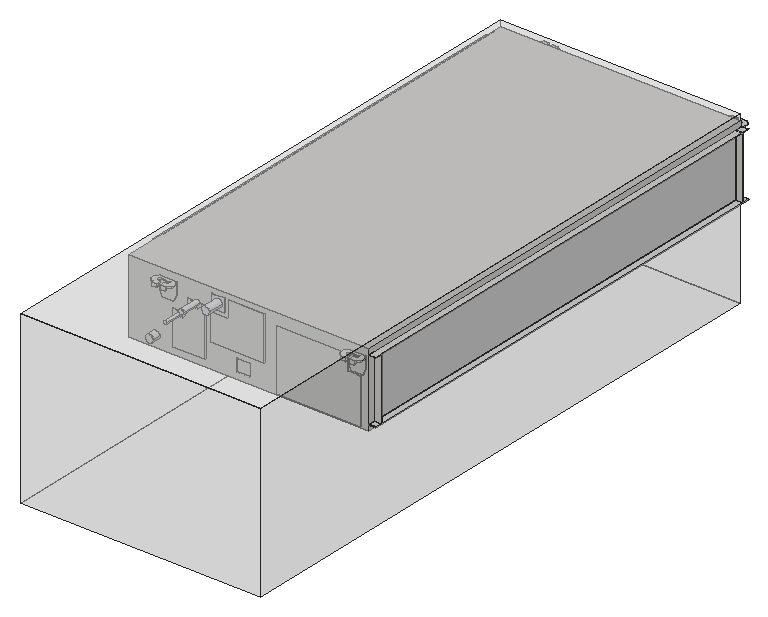
Revit family "outputfile", category 機械設備, Revit 2024
Family settings
  丸型コネクタ寸法 = 半径を使用
  パーツ タイプ = 標準
  OmniClass 番号 = 23.75.10.24.21.27.27
  OmniClass タイトル = Split System Air Conditioning Units
  作業面ベース = いいえ
  常に垂直 = はい
  ロード時にボイドで切り取り = いいえ
  注釈の向きを維持 = いいえ
  共有 = いいえ
  部屋計算ポイント = はい
Parameters (values of type "FXSQ140PAVE")
  Description = ""
  製造元 = "Daikin"
  書き出し IFC クラス(タイプ) = "IfcUnitaryEquipmentType"
  定義済み IFC タイプ(タイプ) = "AIRCONDITIONINGUNIT"
  Cost = 0
  モデル = "FXSQ140PAVE"
  Type Comments = ""
  Keynote = ""
  Type Image = (empty or 0)
  Assembly Code = ""
  r_Liquid Pipe Size = Liquid Pipe Size / 2  # 4.75 mm
  r_Gas Pipe Size = Gas Pipe Size / 2  # 7.95 mm
  r_Drain Pipe Size = Drain Pipe Size / 2  # 12.5 mm
  lw_power = 770.0 mm  # constant formula
  lh_SA = 138.0 mm  # constant formula
  lw_SA = if(Depth = 550.0 mm, 225.0 mm, if(Depth = 700.0 mm, 300.0 mm, if(Depth = 1000.0 mm, 450.0 mm, if(Depth = 1400.0 mm, 650.0 mm, 725.0 mm))))  # 725.0 mm
  lw_RA = if(Depth = 550.0 mm, 275.0 mm, if(Depth = 700.0 mm, 349.0 mm, if(Depth = 1000.0 mm, 499.0 mm, if(Depth = 1400.0 mm, 699.0 mm, 775.0 mm))))  # 775.0 mm
  lh_power = 60.0 mm + [h***]  # 60.0 mm
  lh_mountinghole1 = lh_mountinghole + [h***]  # 222.0 mm
  lh_RA = 123.0 mm  # constant formula
  ld_power = Depth / 2  # 775.0 mm
  Voltage_comment_60Hz = "220"
  Voltage_comment_50Hz = "220-240"
  Voltage_60Hz = 220 V
  Voltage_50Hz = 220 V
  URL = ""
  Supply Air Direction [instance] = yes
  Sound Power Level_H speed (dB) = 71
  Phase_60Hz = 1
  Phase_50Hz = 1
  Minimum External Static Pressure = 50.00 Pa
  Minimum Circuit Amps_60Hz = 3.1 A
  Minimum Circuit Amps_50Hz = 3.1 A
  Maximum Fuse Amps_60Hz = 16.0 A
  Maximum Fuse Amps_50Hz = 16.0 A
  Maximum External Static Pressure = 140.00 Pa
  Material_Casing = DAIKIN_GalvanizedSteel_Casing_indoorunit
  lw_mountinghole = 630.0 mm  # constant formula
  lh_gaspipe = 183.0 mm + [h***]  # 183.0 mm
  lh_mountinghole = 222.0 mm  # constant formula
  lh_liquidpipe = 136.0 mm + [h***]  # 136.0 mm
  lh_drainpipe = 207.0 mm + [h***]  # 207.0 mm
  lh_antena = Height - lh_mountinghole + 1.0 mm  # 24.0 mm
  ld_drainpipe = Depth / 2 + 53.0 mm  # 828.0 mm
  ld_liquidpipe = Depth / 2 + 69.0 mm  # 844.0 mm
  ld_gaspipe = Depth / 2 + 65.0 mm  # 840.0 mm
  ld_mountinghole = Depth + 38.0 mm  # 1588.0 mm
  h*** = 0.0 mm  # constant formula
  lw_liquidpipe = 179.0 mm  # constant formula
  lw_gaspipe = 229.0 mm  # constant formula
  lw_drainpipe = 300.0 mm  # constant formula
  Width = 800.0 mm
  Version = "ver.1.0"
  Unit Type = "Middle Static Pressure Duct Type"
  Unit Mass Weight = 52.00 kg
  Unit Designation [instance] = ""
  Uniclass2015Version = "Products v1.30"
  Uniclass2015Title = "Variable refrigerant flow units"
  Uniclass2015Code = "Pr_70_65_03_94"
  Total Heating Capacity [instance] = 0.000 kW
  Total Cooling Capacity [instance] = 0.000 kW
  Sound Pressure Level_M speed (dBA) = 0
  Sound Pressure Level_L speed (dBA) = 36
  Sound Pressure Level_H speed (dBA) = 43
  Series = "VRV Fan Coil Unit"
  Sensible Cooling Capacity [instance] = 0.000 kW
  SA Duct Size Width = if(Depth = 550.0 mm, 337.0 mm, if(Depth = 700.0 mm, 492.0 mm, if(Depth = 1000.0 mm, 792.0 mm, if(Depth = 1400.0 mm, 1192.0 mm, 1337.0 mm))))  # 1337.0 mm
  SA Duct Size Height = 176.0 mm
  Refrigerant Type = "R410A"
  RA Duct Size Width = if(Depth = 550.0 mm, 502.0 mm, if(Depth = 700.0 mm, 654.0 mm, if(Depth = 1000.0 mm, 952.0 mm, if(Depth = 1400.0 mm, 1352.0 mm, 1502.0 mm))))  # 1502.0 mm
  RA Duct Size Height = 208.0 mm
  Power Input (Heating) = 0.406 kW
  Power Input (Cooling) = 0.411 kW
  Option Accessory 3 [instance] = ""
  Option Accessory 2 [instance] = ""
  Option Accessory 1 [instance] = ""
  Nominal Heating Capacity = 18.000 kW
  Nominal Cooling Capacity = 16.000 kW
  Minimum Airflow = 1680.00 m³/h
  Median Airflow = 2010.00 m³/h
  Maximum Airflow = 2340.00 m³/h
  Load Classification = HVAC
  Liquid Pipe Size = 9.5 mm
  Link_Nested Family [instance] = ""
  IfcVersion = "0"
  IfcExportType = "AIRCONDITIONINGUNIT"
  IfcExportAs = "IfcUnitaryEquipmentType"
  Height = 245.0 mm
  Heating Entering Wet Bulb Temperature [instance] = 0.00 °C
  Heating Entering Dry Bulb Temperature [instance] = 0.00 °C
  Heating Ambient Wet Bulb Temperature [instance] = 0.00 °C
  Heating Ambient Dry Bulb Temperature [instance] = 0.00 °C
  Heat Exchanger Type = "Cross Fin Coil"
  Gas Pipe Size = 15.9 mm
  Frequency_60Hz = 60 Hz
  Frequency_50Hz = 50 Hz
  Fan Type = "Sirocco Fan"
  Fan Drive = "Direct Drive"
  FCU Tag No. [instance] = ""
  Drain Pipe Size = 25.0 mm
  Design Supply Airflow [instance] = 0.00 m³/h
  Design Return Airflow [instance] = 0.00 m³/h
  Design External Static Pressure [instance] = 0.00 Pa
  Depth = 1550.0 mm
  既定の高さ = 0.0 mm
  Cooling Entering Wet Bulb Temperature [instance] = 0.00 °C
  Cooling Entering Dry Bulb Temperature [instance] = 0.00 °C
  Cooling Ambient Wet Bulb Temperature [instance] = 0.00 °C
  Cooling Ambient Dry Bulb Temperature [instance] = 0.00 °C
  Clearance visibility [instance] = yes
  Clearance Top = 20.0 mm
  Clearance Right = 0.0 mm
  Clearance Rear = 0.0 mm
  Clearance Left = 0.0 mm
  Clearance Front = 450.0 mm
  Clearance Bottom = 300.0 mm
Reference planes
  plane 1 "Center (Front/Back)": y = 0
  plane 2 "h": z = 0
  plane 3 "Center (Left/Right)": x = 0
  plane 4 "Back": y = 775
  plane 5 "Front": y = -775
  plane 6 "Left": x = -400
  plane 7 "Reight": x = 400
  plane 8 "Top": z = 0
  plane 9 "Bottom": z = -245
  plane 10: y = -215
  plane 11: y = 775
  plane 12: y = -1225
  plane 13: x = -400
  plane 14: x = 400
  plane 15: z = 20
  plane 16: z = -545
  plane 17: x = -400
  plane 18: x = -399
  plane 19: x = 399
  plane 20: y = 50
  plane 21: y = 0
  plane 22: z = -122
  plane 23: y = -776
  plane 24: z = -109
  plane 25: x = -221
  plane 26: y = -840
  plane 27: z = -62
  plane 28: x = -171
  plane 29: y = -828
  plane 30: z = -38
  plane 31: x = -100
  plane 32: x = -100
  plane 33: x = -221
  plane 34: x = -171
  plane 35: x = 370
  plane 36: x = -266
  plane 37: x = 364
  plane 38: y = -794
  plane 39: y = 794
  plane 40: z = -23
  plane 41: z = -107
  plane 42: y = -844
  plane 43: z = -207
  plane 44: x = -309
  plane 45: y = -801
  plane 46: x = -251
  plane 47: x = -203
  plane 48: x = -144
  plane 49: z = -59
  plane 50: z = -106
  plane 51: z = -221
  plane 52: z = -109
  plane 53: x = -221
  plane 54: z = -62
  plane 55: x = -171
  plane 56: z = -17
  plane 57: z = -59
  plane 58: x = -121
  plane 59: x = -79
  plane 60: x = -125
  plane 61: x = -64
  plane 62: x = 53
  plane 63: z = -164
  plane 64: z = -73
  plane 65: z = -16
  plane 66: x = 93.5
  plane 67: x = 374.5
  plane 68: x = 330
  plane 69: z = -88.5
  plane 70: z = -38
  plane 71: z = -242.5
  plane 72: x = -38.5
  plane 73: x = 6.5
  plane 74: z = -181
  plane 75: z = -221
  plane 76: y = -774
  plane 77: x = -424
  plane 78: x = 424
Forms (mm)
  Extrusion 1, solid, material "DAIKIN_GalvanizedSteel_Casing_indoorunit" <- "Material_Casing"
    sketch origin (0, 0, 0) x (1, 0, 0) y (0, 1, 0)
      loop
        line (-399, 775) -> (-399, -775) -> (399, -775) -> (399, 775) -> (-399, 775)
    from -245 to 0
  Extrusion 2, solid, material "DAIKIN_GalvanizedSteel_Casing_indoorunit" <- "Material_Casing"
    sketch origin (0, 0, 0) x (1, 0, 0) y (0, 0, 1)
      loop
        line (-251, -221) -> (-144, -221) -> (-144, -59) -> (-154.47, -59)
        arc (-154.47, -59) -> (-171, -78.8) -> (-187.53, -59) r 16.8
        line (-187.53, -59) -> (-203, -59) -> (-203, -106) -> (-206.916, -106)
        arc (-206.916, -106) -> (-221, -123.4) -> (-235.084, -106) r 14.4
        line (-235.084, -106) -> (-251, -106) -> (-251, -221)
    from 775 to 776
  Extrusion 3, solid, material "DAIKIN_GalvanizedSteel_Casing_indoorunit" <- "Material_Casing"
    sketch origin (0, 0, 0) x (1, 0, 0) y (0, 0, 1)
      loop
        line (-121, -17) -> (-121, -59) -> (-79, -59) -> (-79, -17) -> (-121, -17)
      loop
        line (-125, -73) -> (-125, -164) -> (53, -164) -> (53, -16) -> (-64, -16) -> (-64, -73) -> (-125, -73)
    from 775 to 776
  Extrusion 4, solid, material "DAIKIN_GalvanizedSteel_Casing_indoorunit" <- "Material_Casing"
    sketch origin (0, 0, 0) x (1, 0, 0) y (0, 0, 1)
      loop
        line (93.5, -38) -> (93.5, -242.5) -> (374.5, -242.5) -> (374.5, -88.5) -> (330, -88.5) -> (330, -38) -> (93.5, -38)
    from 775 to 776
  Extrusion 5, solid
    sketch origin (0, 0, 0) x (1, 0, 0) y (0, 0, 1)
      loop
        circle (-221, -109) r 4.75
    from 775 to 844
  Extrusion 6, solid
    sketch origin (0, 0, 0) x (1, 0, 0) y (0, 0, 1)
      loop
        circle (-171, -62) r 7.95
    from 775 to 840
  Extrusion 7, solid
    sketch origin (0, 0, 0) x (1, 0, 0) y (0, 0, 1)
      loop
        circle (-100, -38) r 12.5
    from 776 to 828
  Extrusion 8, solid, material "DAIKIN_GalvanizedSteel_Casing_indoorunit" <- "Material_Casing"
    sketch origin (0, 0, 0) x (1, 0, 0) y (0, 0, 1)
      loop
        circle (-309, -207) r 13
    from 775 to 801
  Extrusion 9, void
    sketch origin (0, 0, 0) x (1, 0, 0) y (0, 0, 1)
      loop
        line (-38.5, -181) -> (-38.5, -221) -> (6.5, -221) -> (6.5, -181) -> (-38.5, -181)
    from 774 to 775
Cuts and joins
  Extrusion 9 cuts Extrusion 1
Dimensions and locks
  "Height": plane 8 "Top" to plane 9 "Bottom"
  equal spacing: plane 4 "Back", plane 1 "Center (Front/Back)", plane 5 "Front"
  "Depth": plane 4 "Back" to plane 5 "Front"
  equal spacing: plane 6 "Left", plane 3 "Center (Left/Right)", plane 7 "Reight"
  "Width": plane 6 "Left" to plane 7 "Reight"
  "Clearance Left": plane 13 to plane 6 "Left"
  "Clearance Right": plane 7 "Reight" to plane 14
  "Clearance Rear": plane 11 to plane 4 "Back"
  "Clearance Front": plane 5 "Front" to plane 12
  "Clearance Top": plane 15 to plane 8 "Top"
  "Clearance Bottom": plane 9 "Bottom" to plane 16
  locked: plane 17 to plane 18 at 1
  locked: plane 19 to plane 14 at 1
  "lw_SA": plane 11 to plane 20
  "lw_RA": plane 21 to plane 5 "Front"
  "lh_RA": plane 22 to plane 9 "Bottom"
  locked: plane 5 "Front" to plane 23 at 1
  "lw_liquidpipe": plane 25 to plane 6 "Left"
  "lh_liquidpipe": plane 24 to plane 9 "Bottom"
  "lh_gaspipe": plane 27 to plane 9 "Bottom"
  "lw_gaspipe": plane 28 to plane 6 "Left"
  "ld_gaspipe": plane 26 to plane 1 "Center (Front/Back)"
  "ld_drainpipe": plane 29 to plane 1 "Center (Front/Back)"
  "lh_drainpipe": plane 30 to plane 9 "Bottom"
  "lw_drainpipe": plane 31 to plane 6 "Left"
  "lw_drainpipe": plane 6 "Left" to plane 32
  "lw_liquidpipe": plane 6 "Left" to plane 33
  "lw_gaspipe": plane 6 "Left" to plane 34
  "lw_power": plane 6 "Left" to plane 35
  locked: plane 17 to plane 36 at 134
  "lw_mountinghole": plane 36 to plane 37
  equal spacing: plane 38, plane 1 "Center (Front/Back)", plane 39
  "ld_mountinghole": plane 39 to plane 38
  "lh_mountinghole": plane 40 to plane 9 "Bottom"
  "lh_SA": plane 41 to plane 9 "Bottom"
  "ld_liquidpipe": plane 21 to plane 42
  locked: plane 44 to plane 6 "Left" at 91
  locked: plane 43 to plane 9 "Bottom" at 38
  locked: plane 5 "Front" to plane 45 at 26
  plane 48 to plane 47 to plane 46 to plane 6 "Left" = 59.0 mm, 48.0 mm, 149.0 mm
  plane 8 "Top" to plane 49 to plane 50 to plane 51 = 59.0 mm locked, 47.0 mm locked, 115.0 mm locked
  plane 55 to plane 53 to plane 6 "Left" = 50.0 mm locked, 179.0 mm locked
  plane 54 to plane 52 to plane 9 "Bottom" = 47.0 mm locked, 136.0 mm locked
  plane 59 to plane 58 to plane 6 "Left" = 42.0 mm locked, 279.0 mm locked
  plane 8 "Top" to plane 56 to plane 57 = 17.0 mm locked, 42.0 mm locked
  plane 62 to plane 61 to plane 60 to plane 6 "Left" = 117.0 mm, 61.0 mm, 275.0 mm
  plane 8 "Top" to plane 65 to plane 64 = 16.0 mm locked, 57.0 mm locked
  locked: plane 65 to plane 63 at 148
  plane 8 "Top" to plane 70 to plane 69 to plane 71 = 38.0 mm locked, 50.5 mm locked, 154.0 mm locked
  plane 67 to plane 68 to plane 66 to plane 6 "Left" = 44.5 mm locked, 236.5 mm locked, 493.5 mm locked
  plane 8 "Top" to plane 74 to plane 75 = 181.0 mm locked, 40.0 mm locked
  plane 73 to plane 72 to plane 6 "Left" = 45.0 mm, 361.5 mm
  locked: plane 76 to plane 5 "Front" at 1
  locked: plane 77 to plane 17 at 24
  locked: plane 14 to plane 78 at 24
  "r_Liquid Pipe Size": radius of Extrusion 5 sketch curve
  "r_Gas Pipe Size": radius of Extrusion 6 sketch curve
  "r_Drain Pipe Size": radius of Extrusion 7 sketch curve
  aligned and locked: level to plane 2 "h"
  aligned and locked: plane 8 "Top" to Extrusion 1
  aligned and locked: Extrusion 1 to plane 9 "Bottom"
  aligned and locked: nested 5 to plane 12
  aligned and locked: plane 13 to nested 5
  aligned and locked: plane 14 to nested 5
  aligned and locked: nested 5 to plane 13
  aligned and locked: plane 11 to nested 5
  aligned and locked: plane 15 to nested 5
  aligned and locked: plane 16 to nested 5
  aligned and locked: plane 5 "Front" to Extrusion 1 sketch curve
  aligned and locked: Extrusion 1 to plane 18
  aligned and locked: plane 19 to Extrusion 1
  aligned and locked: nested 7 to plane 18
  aligned and locked: nested 7 to plane 20
  aligned and locked: plane 19 to nested 8
  aligned and locked: plane 21 to nested 8
  aligned and locked: plane 22 to nested 8
  aligned and locked: Extrusion 2 to plane 23
  aligned and locked: plane 5 "Front" to Extrusion 2
  aligned and locked: Extrusion 3 to plane 23
  aligned and locked: plane 5 "Front" to Extrusion 3
  aligned and locked: plane 5 "Front" to Extrusion 4
  aligned and locked: Extrusion 5 sketch curve to plane 25
  aligned and locked: plane 24 to Extrusion 5 sketch curve
  aligned and locked: plane 5 "Front" to Extrusion 5
  aligned and locked: Extrusion 6 sketch curve to plane 28
  aligned and locked: plane 27 to Extrusion 6 sketch curve
  aligned and locked: plane 5 "Front" to Extrusion 6
  aligned and locked: Extrusion 7 sketch curve to plane 31
  aligned and locked: Extrusion 7 sketch curve to plane 30
  aligned and locked: Extrusion 7 to plane 29
  aligned and locked: plane 23 to Extrusion 7
  aligned and locked: nested 3 to plane 29
  aligned and locked: nested 3 to plane 32
  aligned and locked: nested 2 to plane 33
  aligned and locked: nested 1 to plane 34
  aligned and locked: Extrusion 6 to plane 26
  aligned and locked: nested 1 to plane 26
  aligned and locked: nested 6 to plane 5 "Front"
  aligned and locked: nested 6 to plane 35
  aligned and locked: plane 36 to nested 10
  aligned and locked: nested 10 to plane 5 "Front"
  aligned and locked: plane 37 to nested 9
  aligned and locked: nested 9 to plane 5 "Front"
  aligned and locked: nested 11 to plane 36
  aligned and locked: plane 4 "Back" to nested 11
  aligned and locked: nested 12 to plane 37
  aligned and locked: plane 4 "Back" to nested 12
  aligned and locked: plane 40 to nested 10
  aligned and locked: plane 40 to nested 11
  aligned and locked: plane 40 to nested 9
  aligned and locked: plane 40 to nested 12
  aligned and locked: plane 36 to nested 14
  aligned and locked: nested 14 to plane 39
  aligned and locked: plane 37 to nested 13
  aligned and locked: nested 13 to plane 39
  aligned and locked: plane 37 to nested 16
  aligned and locked: plane 38 to nested 16
  aligned and locked: plane 38 to nested 15
  aligned and locked: plane 36 to nested 15
  aligned and locked: plane 17 to plane 6 "Left"
  aligned and locked: plane 41 to nested 7
  aligned and locked: Extrusion 5 to plane 42
  aligned and locked: nested 2 to plane 42
  aligned and locked: Extrusion 8 sketch curve to plane 44
  aligned and locked: plane 43 to Extrusion 8 sketch curve
  aligned and locked: plane 5 "Front" to Extrusion 8
  aligned and locked: plane 45 to Extrusion 8
  aligned and locked: Extrusion 3 sketch curve to plane 56
  aligned and locked: Extrusion 3 sketch curve to plane 58
  aligned and locked: plane 57 to Extrusion 3 sketch curve
  aligned and locked: plane 59 to Extrusion 3 sketch curve
  aligned and locked: Extrusion 4 to plane 23
  aligned and locked: Extrusion 9 sketch curve to plane 74
  aligned and locked: plane 75 to Extrusion 9 sketch curve
  aligned and locked: plane 73 to Extrusion 9 sketch curve
  aligned and locked: plane 5 "Front" to Extrusion 9
  aligned and locked: plane 76 to Extrusion 9
  aligned and locked: nested 17 to plane 20
  aligned and locked: nested 17 to plane 77
  aligned and locked: plane 21 to nested 18
  aligned and locked: plane 78 to nested 18
  aligned and locked: plane 41 to nested 17
  aligned and locked: nested 18 to plane 22
  aligned and locked: nested 4 to plane 3 "Center (Left/Right)"
  aligned and locked: plane 1 "Center (Front/Back)" to nested 4
  aligned and locked: level to plane 8 "Top"
Automatic sketch dimensions
  plane 6 "Left" to Extrusion 1 sketch curve = 1.0 mm
  Extrusion 1 sketch curve to plane 7 "Reight" = 1.0 mm
  Extrusion 1 sketch curve to plane 4 "Back" = 0.0 mm
  Extrusion 2 sketch curve to plane 46 = 0.0 mm
  Extrusion 2 sketch curve to plane 33 = 0.0 mm
  Extrusion 2 sketch curve to plane 47 = 0.0 mm
  Extrusion 2 sketch curve to plane 34 = 0.0 mm
  Extrusion 2 sketch curve to plane 48 = 0.0 mm
  Extrusion 2 sketch curve to plane 51 = 0.0 mm
  Extrusion 2 sketch curve to plane 52 = 0.0 mm
  Extrusion 2 sketch curve to plane 50 = 0.0 mm  (x3)
  Extrusion 2 sketch curve to plane 54 = 0.0 mm
  Extrusion 2 sketch curve to plane 49 = 0.0 mm  (x3)
  plane 33 to Extrusion 2 sketch curve = 14.084 mm
  plane 34 to Extrusion 2 sketch curve = 16.53 mm
  Extrusion 3 sketch curve to plane 60 = 0.0 mm
  Extrusion 3 sketch curve to plane 61 = 0.0 mm
  Extrusion 3 sketch curve to plane 62 = 0.0 mm
  Extrusion 3 sketch curve to plane 63 = 0.0 mm
  Extrusion 3 sketch curve to plane 64 = 0.0 mm
  Extrusion 3 sketch curve to plane 65 = 0.0 mm
  Extrusion 4 sketch curve to plane 66 = 0.0 mm
  Extrusion 4 sketch curve to plane 68 = 0.0 mm
  Extrusion 4 sketch curve to plane 67 = 0.0 mm
  Extrusion 4 sketch curve to plane 71 = 0.0 mm
  Extrusion 4 sketch curve to plane 69 = 0.0 mm
  Extrusion 4 sketch curve to plane 70 = 0.0 mm
  Extrusion 9 sketch curve to plane 72 = 0.0 mm
  radius of Extrusion 8 sketch curve = 13.0 mm
Nested families
  nested 1: "daikin_connector_rotate2" at (-171, 0, -62), length <- "ld_gaspipe", built-in parameter 1001364 <- "lh_gaspipe", radius <- "r_Gas Pipe Size", type "daikin_connector_rotate2"
    with radius 7.95 mm, length 840.0 mm, angle_vertical 90.00°
  nested 2: "daikin_connector_rotate2" at (-221, 0, -109), length <- "ld_liquidpipe", built-in parameter 1001364 <- "lh_liquidpipe", radius <- "r_Liquid Pipe Size", type "daikin_connector_rotate2"
    with radius 4.75 mm, length 844.0 mm, angle_vertical 90.00°
  nested 3: "daikin_connector_rotate2" at (-100, 0, -38), length <- "ld_drainpipe", built-in parameter 1001364 <- "lh_drainpipe", radius <- "r_Drain Pipe Size", type "daikin_connector_rotate2"
    with radius 12.5 mm, length 828.0 mm, angle_vertical 90.00°
  nested 4: "daikin_△_symbolicline" at (0, 0, 245) x (0, -1, 0) z (0, 0, 1), built-in parameter 1001364 <- "Height", visible <- "Supply Air Direction", type "daikin_△_symbolicline"
    with length 200.0 mm
  nested 5: "daikin_clearancespace" at (0, -225, -262.381), visible <- "Clearance visibility", show <- "Clearance visibility", Link_Nested Family <- "Link_Nested Family", type "daikin_clearancespace"
    with width 800.0 mm, show yes, height 565.0 mm, depth 2000.0 mm, Link_Nested Family ""
  nested 6: "daikin_connector_rotate2" at (370, 0, -185), built-in parameter 1001364 <- "lh_power", length <- "ld_power", type "daikin_connector_rotate2"
    with radius 10.0 mm, length 775.0 mm, angle_vertical 90.00°
  nested 7: "daikin_ductflange_FXSQ-PAVE2" at (-399, 50, -107) x (0, -1, 0) z (0, 0, 1), type "daikin_ductflange_FXSQ-PAVE2"
    with width 1337.0 mm, w 1550.0 mm
  nested 8: "daikin_ductflange_FXSQ-PAVE" at (399, 0, -122) x (0, 1, 0) z (0, 0, 1), type "daikin_ductflange_FXSQ-PAVE"
    with width 1502.0 mm, w 1550.0 mm
  nested 9: "daikin_hangerfixture_FXSQ-PAVE" at (364, -775, -23), type "daikin_hangerfixture_FXSQ-PAVE"
  nested 10: "daikin_hangerfixture_FXSQ-PAVE" at (-266, -775, -23), type "daikin_hangerfixture_FXSQ-PAVE"
  nested 11: "daikin_hangerfixture_FXSQ-PAVE" at (-266, 775, -23) x (-1, 0, 0) z (0, 0, 1), type "daikin_hangerfixture_FXSQ-PAVE"
  nested 12: "daikin_hangerfixture_FXSQ-PAVE" at (364, 775, -23) x (-1, 0, 0) z (0, 0, 1), type "daikin_hangerfixture_FXSQ-PAVE"
  nested 13: "daikin_mountinghole" at (364, 794, -245), h_mountinghole <- "lh_mountinghole1", l_antenna <- "lh_antena", Link_Nested Family <- "Link_Nested Family", type "daikin_mountinghole"
    with show yes, l_antenna 24.0 mm, h_mountinghole 222.0 mm, Link_Nested Family ""
  nested 14: "daikin_mountinghole" at (-266, 794, -245), h_mountinghole <- "lh_mountinghole1", l_antenna <- "lh_antena", Link_Nested Family <- "Link_Nested Family", type "daikin_mountinghole"
    with show yes, l_antenna 24.0 mm, h_mountinghole 222.0 mm, Link_Nested Family ""
  nested 15: "daikin_mountinghole" at (-266, -794, -245), h_mountinghole <- "lh_mountinghole1", l_antenna <- "lh_antena", Link_Nested Family <- "Link_Nested Family", type "daikin_mountinghole"
    with show yes, l_antenna 24.0 mm, h_mountinghole 222.0 mm, Link_Nested Family ""
  nested 16: "daikin_mountinghole" at (364, -794, -245), h_mountinghole <- "lh_mountinghole1", l_antenna <- "lh_antena", Link_Nested Family <- "Link_Nested Family", type "daikin_mountinghole"
    with show yes, l_antenna 24.0 mm, h_mountinghole 222.0 mm, Link_Nested Family ""
  nested 17: "daikin_connector_rotate2" at (-400, 50, -107) x (0, -1, 0) z (0, 0, 1), type "daikin_connector_rotate2"
    with radius 10.0 mm, length 24.0 mm, angle_vertical 90.00°
  nested 18: "daikin_connector_rotate2" at (400, 0, -122) x (0, 1, 0) z (0, 0, 1), type "daikin_connector_rotate2"
    with radius 10.0 mm, length 24.0 mm, angle_vertical 90.00°
Connectors
  piping at (-100, -828, -38), diameter 25, driven by "r_Drain Pipe Size"
    settings: on nested 3, index 3, connector inside diameter 609.6 mm, connector length 0.0 mm, flow factor 0, pipe flow 0.00 m³/h, pressure drop 0.0 Pa, fitting loss kfactor 0, connector angle 0.00°, fixture units 0, engagement length 0.0 mm, angle of deflection 0.00°, flow configuration 1, flow direction 2, fitting loss method 4, system type 16, joint type 0, gender type 0, connector reference index -1, connector utility 0, adjustable connector no, is connector primary yes, connector description "Condensate Drain Piping"
  piping at (-171, -840, -62), diameter 15.9, driven by "r_Gas Pipe Size"
    settings: on nested 1, index 4, connector inside diameter 609.6 mm, connector length 0.0 mm, flow factor 0, pipe flow 0.00 m³/h, pressure drop 0.0 Pa, fitting loss kfactor 0, connector angle 0.00°, fixture units 0, engagement length 0.0 mm, angle of deflection 0.00°, flow configuration 1, flow direction 2, fitting loss method 0, system type 29, joint type 0, gender type 0, connector reference index -1, connector utility 0, adjustable connector no, is connector primary no, connector description "Refrigerant Gas Piping"
  piping at (-221, -844, -109), diameter 9.5, driven by "r_Liquid Pipe Size"
    settings: on nested 2, index 5, connector inside diameter 609.6 mm, connector length 0.0 mm, flow factor 0, pipe flow 0.00 m³/h, pressure drop 0.0 Pa, fitting loss kfactor 0, connector angle 0.00°, fixture units 0, engagement length 0.0 mm, angle of deflection 0.00°, flow configuration 1, flow direction 1, fitting loss method 0, system type 29, joint type 0, gender type 0, connector reference index -1, connector utility 0, adjustable connector no, is connector primary no, connector description "Refrigerant Liquid Piping"
  electrical at (370, -775, -185), driven by "Load Classification"
    settings: on nested 6, index 6, voltage 0 V, apparent load 0 VA, apparent load phase1 0 VA, apparent load phase2 0 VA, apparent load phase3 0 VA, power factor 1, load classification "HVAC", number of poles 1, system type 30, power factor state 1, is connector primary yes, connector utility no, sub classification motor no, connector description "Power Supply"
  hvac at (-424, 50, -107), driven by "SA Duct Size Height", driven by "SA Duct Size Width"
    settings: on nested 17, index 7, duct flow 0.00 m³/h, flow factor 0, pres drop 0.00 Pa, loss coef 0, conn angle 0.00°, conn width 1337.0 mm, conn height 176.0 mm, conn diameter 609.6 mm, duct sys type 1, conn prof type 1, flow config 0, flow direction 2, loss method 4, conn ref index -1, conn util no, is conn primary yes, conn desc "SA Duct"
  hvac at (424, 0, -122), driven by "RA Duct Size Height", driven by "RA Duct Size Width"
    settings: on nested 18, index 8, duct flow 0.00 m³/h, flow factor 0, pres drop 0.00 Pa, loss coef 0, conn angle 0.00°, conn width 1502.0 mm, conn height 208.0 mm, conn diameter 609.6 mm, duct sys type 2, conn prof type 1, flow config 0, flow direction 1, loss method 4, conn ref index -1, conn util no, is conn primary no, conn desc "RA Duct"
Definition of nested family "daikin_clearancespace"
  Parameters (values of type "daikin_clearancespace")
    width [instance] = 1823.963 mm
    show [instance] = yes
    material = none
    height [instance] = 1359.762 mm
    depth [instance] = 880.0 mm
    Default Elevation = 0.0 mm
    Link_Nested Family [instance] = ""
  Reference planes
    plane 1 "Center (Front/Back)": y = 0
    plane 2 "Center (Elevation)": z = -0.119
    plane 3 "Center (Left/Right)": x = 0
    plane 4: y = 440
    plane 5: y = -440
    plane 6 "Right": x = 911.982
    plane 7 "Left": x = -911.982
    plane 8 "Top": z = 679.762
    plane 9 "Bottom": z = -680
  Forms (mm)
    Extrusion 1, solid, material <- "material", visible <- "show"
      sketch origin (0, 0, 0) x (1, 0, 0) y (0, 1, 0)
        loop
          line (-911.982, 440) -> (-911.982, -440) -> (911.982, -440) -> (911.982, 440) -> (-911.982, 440)
      from -680 to 679.762
  Lines and regions (mm)
    symbolic lines, visible <- "show"
      curve 1: line (911.982, 440, 0) -> (-911.982, 440, 0)
      curve 2: line (-911.982, 440, 0) -> (-911.982, -440, 0)
      curve 3: line (-911.982, -440, 0) -> (911.982, -440, 0)
      curve 4: line (911.982, -440, 0) -> (911.982, 440, 0)
      curve 5: line (911.982, 0, 679.762) -> (-911.982, 0, 679.762)
      curve 6: line (911.982, 0, -680) -> (911.982, 0, 679.762)
      curve 7: line (-911.982, 0, -680) -> (911.982, 0, -680)
      curve 8: line (-911.982, 0, 679.762) -> (-911.982, 0, -680)
      curve 9: line (0, 440, 679.762) -> (0, -440, 679.762)
      curve 10: line (0, -440, 679.762) -> (0, -440, -680)
      curve 11: line (0, 440, -680) -> (0, 440, 679.762)
      curve 12: line (0, -440, -680) -> (0, 440, -680)
  Dimensions and locks
    "width": plane 7 "Left" to plane 6 "Right"
    "depth": plane 4 to plane 5
    "height": plane 8 "Top" to plane 9 "Bottom"
    equal spacing: plane 7 "Left", plane 3 "Center (Left/Right)", plane 6 "Right"
    equal spacing: plane 4, plane 1 "Center (Front/Back)", plane 5
    equal spacing: plane 8 "Top", plane 2 "Center (Elevation)", plane 9 "Bottom"
    aligned and locked: level to plane 2 "Center (Elevation)"
    aligned and locked: Extrusion 1 sketch curve to plane 4
    aligned and locked: plane 7 "Left" to Extrusion 1 sketch curve
    aligned and locked: Extrusion 1 sketch curve to plane 5
    aligned and locked: Extrusion 1 sketch curve to plane 6 "Right"
    aligned and locked: plane 8 "Top" to Extrusion 1
    aligned and locked: curve 1 to Extrusion 1
    aligned and locked: curve 2 to Extrusion 1
    aligned and locked: curve 3 to Extrusion 1
    aligned and locked: curve 4 to Extrusion 1
    aligned and locked: curve 5 to Extrusion 1
    aligned and locked: curve 6 to Extrusion 1
    aligned and locked: curve 7 to Extrusion 1
    aligned and locked: curve 8 to Extrusion 1
    aligned and locked: curve 9 to Extrusion 1
    aligned and locked: curve 10 to Extrusion 1
    aligned and locked: curve 11 to Extrusion 1
    aligned and locked: curve 12 to Extrusion 1
    aligned and locked: Extrusion 1 to plane 9 "Bottom"
Definition of nested family "daikin_ductflange_FXSQ-PAVE2"
  Parameters (values of type "daikin_ductflange_FXMQ-PAVE2")
    width = if(w = 550.0 mm, 337.0 mm, if(w = 700.0 mm, 492.0 mm, if(w = 1000.0 mm, 792.0 mm, if(w = 1400.0 mm, 1192.0 mm, 1337.0 mm))))  # 337.0 mm
    material = none
    height = 215.0 mm
    depth = 1.0 mm
    w = 550.0 mm
    Default Elevation = 0.0 mm
  Reference planes
    plane 1 "Center (Front/Back)": y = 0
    plane 2: z = 0
    plane 3 "Center (Left/Right)": x = 0
    plane 4: z = 88
    plane 5: z = -88
    plane 6: y = -25
    plane 7: z = 106
    plane 8: z = 89
    plane 9: y = -1
    plane 10: x = -192.5
    plane 11: x = 192.5
    plane 12: z = -106
    plane 13: z = -89
    plane 14: y = -1
    plane 15: x = 168.5
    plane 16: x = -168.5
    plane 17: x = 169.5
    plane 18: z = 87
    plane 19: z = -87
    plane 20: x = -169.5
    plane 21: z = 87
    plane 22: z = -87
    plane 23: y = -1
  Forms (mm)
    Extrusion 1, solid, material <- "material"
      sketch origin (0, 0, 0) x (0, 1, 0) y (0, 0, 1)
        loop
          line (-25, 88) -> (0, 88) -> (0, 106) -> (-1, 106) -> (-1, 89) -> (-25, 89) -> (-25, 88)
      from -192.5 to 192.5
    Extrusion 2, solid, material <- "material"
      sketch origin (0, 0, 0) x (0, 1, 0) y (0, 0, 1)
        loop
          line (-25, -88) -> (-25, -89) -> (-1, -89) -> (-1, -106) -> (0, -106) -> (0, -88) -> (-25, -88)
      from -192.5 to 192.5
    Extrusion 3, solid, material <- "material"
      sketch origin (0, 0, 0) x (1, 0, 0) y (0, 0, 1)
        loop
          line (168.5, 88) -> (168.5, -88) -> (192.5, -88) -> (192.5, -87) -> (169.5, -87) -> (169.5, 87) -> (192.5, 87) -> (192.5, 88) -> (168.5, 88)
      from 0 to 25
    Extrusion 4, solid, material <- "material"
      sketch origin (0, 0, 0) x (1, 0, 0) y (0, 0, 1)
        loop
          line (-192.5, 88) -> (-192.5, 87) -> (-169.5, 87) -> (-169.5, -87) -> (-192.5, -87) -> (-192.5, -88) -> (-168.5, -88) -> (-168.5, 88) -> (-192.5, 88)
      from 0 to 25
    Extrusion 5, solid, material <- "material"
      sketch origin (0, 0, 0) x (1, 0, 0) y (0, 0, 1)
        loop
          line (-192.5, 88) -> (-192.5, -88) -> (-168.5, -88) -> (-168.5, 88) -> (-192.5, 88)
        loop
          line (192.5, 88) -> (168.5, 88) -> (168.5, -88) -> (192.5, -88) -> (192.5, 88)
      from 0 to 1
  Cuts and joins
    joined: Extrusion 1, Extrusion 2, Extrusion 3, Extrusion 4, Extrusion 5
  Dimensions and locks
    plane 4 to level to plane 5 = 88.0 mm, 88.0 mm
    locked: plane 6 to plane 1 "Center (Front/Back)" at 25
    locked: plane 9 to plane 1 "Center (Front/Back)" at 1
    locked: plane 8 to plane 4 at 1
    locked: plane 16 to plane 10 at 24
    locked: plane 17 to plane 15 at 1
    locked: plane 4 to plane 18 at 1
    locked: plane 19 to plane 5 at 1
    "width": plane 15 to plane 16
    plane 4 to plane 5 = 176.0 mm
    locked: plane 16 to plane 20 at 1
    locked: plane 4 to plane 21 at 1
    locked: plane 22 to plane 5 at 1
    locked: plane 23 to plane 1 "Center (Front/Back)" at 1
    plane 4 to level to plane 5 = 88.0 mm locked, 88.0 mm locked
    locked: plane 5 to plane 13 at 1
    locked: plane 5 to plane 12 at 18
    locked: plane 7 to plane 4 at 18
    equal spacing: plane 15, plane 3 "Center (Left/Right)", plane 16
    locked: plane 11 to plane 15 at 24
    plane 11 to plane 10 = 385.0 mm
    aligned and locked: level to plane 2
    aligned and locked: Extrusion 1 to plane 10
    aligned and locked: plane 11 to Extrusion 1
    aligned and locked: plane 5 to Extrusion 2
    aligned and locked: Extrusion 2 to plane 1 "Center (Front/Back)"
    aligned and locked: plane 15 to Extrusion 3 sketch curve
    aligned and locked: Extrusion 3 sketch curve to Extrusion 2  (x2)
    aligned and locked: Extrusion 3 sketch curve to plane 11
    aligned and locked: plane 6 to Extrusion 3
    aligned and locked: Extrusion 2 to plane 10
    aligned and locked: plane 11 to Extrusion 2
    aligned and locked: Extrusion 4 sketch curve to Extrusion 1  (x2)
    aligned and locked: plane 5 to Extrusion 4 sketch curve
    aligned and locked: Extrusion 4 sketch curve to plane 16
    aligned and locked: Extrusion 4 sketch curve to plane 22
    aligned and locked: plane 20 to Extrusion 4 sketch curve
    aligned and locked: plane 21 to Extrusion 4 sketch curve
    aligned and locked: Extrusion 4 to plane 1 "Center (Front/Back)"
    aligned and locked: plane 6 to Extrusion 4
    aligned and locked: Extrusion 5 sketch curve to Extrusion 1  (x4)
    aligned and locked: Extrusion 5 sketch curve to Extrusion 4  (x2)
    aligned and locked: Extrusion 5 sketch curve to Extrusion 3  (x2)
    aligned and locked: Extrusion 5 to plane 1 "Center (Front/Back)"
    aligned and locked: plane 23 to Extrusion 5
  Automatic sketch dimensions
    Extrusion 1 sketch curve to plane 6 = 0.0 mm
    Extrusion 1 sketch curve to plane 7 = 0.0 mm
    Extrusion 1 sketch curve to plane 9 = 0.0 mm
    Extrusion 1 sketch curve to plane 1 "Center (Front/Back)" = 0.0 mm
    Extrusion 1 sketch curve to plane 4 = 0.0 mm
    Extrusion 1 sketch curve to plane 8 = 0.0 mm
    Extrusion 2 sketch curve to plane 6 = 0.0 mm
    plane 12 to Extrusion 2 sketch curve = 0.0 mm
    Extrusion 2 sketch curve to plane 14 = 0.0 mm
    Extrusion 2 sketch curve to plane 1 "Center (Front/Back)" = 0.0 mm
    plane 13 to Extrusion 2 sketch curve = 0.0 mm
    Extrusion 2 sketch curve to plane 5 = 0.0 mm
    Extrusion 3 sketch curve to plane 17 = 0.0 mm
    Extrusion 3 sketch curve to plane 19 = 0.0 mm
    Extrusion 3 sketch curve to plane 18 = 0.0 mm
    Extrusion 3 sketch curve to plane 4 = 0.0 mm
    Extrusion 4 sketch curve to plane 10 = 0.0 mm
Definition of nested family "daikin_ductflange_FXSQ-PAVE"
  Parameters (values of type "daikin_ductflange_FXMQ-PAVE")
    width = if(w = 550.0 mm, 502.0 mm, if(w = 700.0 mm, 654.0 mm, if(w = 1000.0 mm, 952.0 mm, if(w = 1400.0 mm, 1352.0 mm, 1502.0 mm))))  # 502.0 mm
    material = none
    height = 208.0 mm
    depth = 1.0 mm
    w = 550.0 mm
    Default Elevation = 0.0 mm
  Reference planes
    plane 1 "Center (Front/Back)": y = 0
    plane 2: z = 0
    plane 3 "Center (Left/Right)": x = 0
    plane 4: z = 104
    plane 5: z = -104
    plane 6: y = -25
    plane 7: z = 121
    plane 8: z = 105
    plane 9: y = -1
    plane 10: x = -275
    plane 11: x = 275
    plane 12: z = -122
    plane 13: z = -105
    plane 14: y = -1
    plane 15: x = 251
    plane 16: x = -251
    plane 17: x = 252
    plane 18: z = 103
    plane 19: z = -103
    plane 20: x = -252
    plane 21: z = 103
    plane 22: z = -103
    plane 23: y = -1
  Forms (mm)
    Extrusion 1, solid, material <- "material"
      sketch origin (0, 0, 0) x (0, 1, 0) y (0, 0, 1)
        loop
          line (-25, 104) -> (0, 104) -> (0, 121) -> (-1, 121) -> (-1, 105) -> (-25, 105) -> (-25, 104)
      from -275 to 275
    Extrusion 2, solid, material <- "material"
      sketch origin (0, 0, 0) x (0, 1, 0) y (0, 0, 1)
        loop
          line (-25, -104) -> (-25, -105) -> (-1, -105) -> (-1, -122) -> (0, -122) -> (0, -104) -> (-25, -104)
      from -275 to 275
    Extrusion 3, solid, material <- "material"
      sketch origin (0, 0, 0) x (1, 0, 0) y (0, 0, 1)
        loop
          line (251, 104) -> (251, -104) -> (275, -104) -> (275, -103) -> (252, -103) -> (252, 103) -> (275, 103) -> (275, 104) -> (251, 104)
      from 0 to 25
    Extrusion 4, solid, material <- "material"
      sketch origin (0, 0, 0) x (1, 0, 0) y (0, 0, 1)
        loop
          line (-275, 104) -> (-275, 103) -> (-252, 103) -> (-252, -103) -> (-275, -103) -> (-275, -104) -> (-251, -104) -> (-251, 104) -> (-275, 104)
      from 0 to 25
    Extrusion 5, solid, material <- "material"
      sketch origin (0, 0, 0) x (1, 0, 0) y (0, 0, 1)
        loop
          line (-275, 104) -> (-275, -104) -> (-251, -104) -> (-251, 104) -> (-275, 104)
        loop
          line (275, 104) -> (251, 104) -> (251, -104) -> (275, -104) -> (275, 104)
      from 0 to 1
  Cuts and joins
    joined: Extrusion 1, Extrusion 2, Extrusion 3, Extrusion 4, Extrusion 5
  Dimensions and locks
    plane 4 to level to plane 5 = 104.0 mm, 104.0 mm
    locked: plane 6 to plane 1 "Center (Front/Back)" at 25
    locked: plane 9 to plane 1 "Center (Front/Back)" at 1
    locked: plane 8 to plane 4 at 1
    locked: plane 11 to plane 15 at 24
    locked: plane 16 to plane 10 at 24
    locked: plane 17 to plane 15 at 1
    locked: plane 4 to plane 18 at 1
    locked: plane 19 to plane 5 at 1
    "width": plane 15 to plane 16
    equal spacing: plane 15, plane 3 "Center (Left/Right)", plane 16
    locked: plane 16 to plane 20 at 1
    locked: plane 4 to plane 21 at 1
    locked: plane 22 to plane 5 at 1
    locked: plane 23 to plane 1 "Center (Front/Back)" at 1
    locked: plane 7 to plane 4 at 17
    locked: plane 1 "Center (Front/Back)" to plane 14 at 1
    locked: plane 5 to plane 13 at 1
    "height": plane 4 to plane 5
    plane 11 to plane 10 = 550.0 mm
    locked: plane 12 to plane 13 at 17
    equal spacing: plane 4, level, plane 5
    aligned and locked: level to plane 2
    aligned and locked: Extrusion 1 to plane 10
    aligned and locked: plane 11 to Extrusion 1
    aligned and locked: plane 5 to Extrusion 2
    aligned and locked: Extrusion 2 to plane 1 "Center (Front/Back)"
    aligned and locked: plane 15 to Extrusion 3 sketch curve
    aligned and locked: Extrusion 3 sketch curve to Extrusion 2  (x2)
    aligned and locked: Extrusion 3 sketch curve to plane 11
    aligned and locked: plane 6 to Extrusion 3
    aligned and locked: Extrusion 2 to plane 10
    aligned and locked: plane 11 to Extrusion 2
    aligned and locked: Extrusion 4 sketch curve to Extrusion 1  (x2)
    aligned and locked: plane 5 to Extrusion 4 sketch curve
    aligned and locked: Extrusion 4 sketch curve to plane 16
    aligned and locked: Extrusion 4 sketch curve to plane 22
    aligned and locked: plane 20 to Extrusion 4 sketch curve
    aligned and locked: plane 21 to Extrusion 4 sketch curve
    aligned and locked: Extrusion 4 to plane 1 "Center (Front/Back)"
    aligned and locked: plane 6 to Extrusion 4
    aligned and locked: Extrusion 5 sketch curve to Extrusion 1  (x4)
    aligned and locked: Extrusion 5 sketch curve to Extrusion 4  (x2)
    aligned and locked: Extrusion 5 sketch curve to Extrusion 3  (x2)
    aligned and locked: Extrusion 5 to plane 1 "Center (Front/Back)"
    aligned and locked: plane 23 to Extrusion 5
  Automatic sketch dimensions
    Extrusion 1 sketch curve to plane 6 = 0.0 mm
    Extrusion 1 sketch curve to plane 7 = 0.0 mm
    Extrusion 1 sketch curve to plane 9 = 0.0 mm
    Extrusion 1 sketch curve to plane 1 "Center (Front/Back)" = 0.0 mm
    Extrusion 1 sketch curve to plane 4 = 0.0 mm
    Extrusion 1 sketch curve to plane 8 = 0.0 mm
    Extrusion 2 sketch curve to plane 6 = 0.0 mm
    plane 12 to Extrusion 2 sketch curve = 0.0 mm
    Extrusion 2 sketch curve to plane 14 = 0.0 mm
    Extrusion 2 sketch curve to plane 1 "Center (Front/Back)" = 0.0 mm
    plane 13 to Extrusion 2 sketch curve = 0.0 mm
    Extrusion 2 sketch curve to plane 5 = 0.0 mm
    Extrusion 3 sketch curve to plane 17 = 0.0 mm
    Extrusion 3 sketch curve to plane 19 = 0.0 mm
    Extrusion 3 sketch curve to plane 18 = 0.0 mm
    Extrusion 3 sketch curve to plane 4 = 0.0 mm
    Extrusion 4 sketch curve to plane 10 = 0.0 mm
Definition of nested family "daikin_hangerfixture_FXSQ-PAVE"
  Parameters (values of type "daikin_hangerfixture_FXMQ-PAVE")
    width = 72.0 mm
    material = none
    height = 60.0 mm
    depth = 41.0 mm
    Default Elevation = 0.0 mm
  Reference planes
    plane 1 "Center (Front/Back)": y = 0
    plane 2: z = 0
    plane 3 "Center (Left/Right)": x = 0
    plane 4: y = 417.146
    plane 5: y = -41
    plane 6: x = -36
    plane 7: x = 36
    plane 8: z = -2.3
    plane 9: z = -60
    plane 10: y = -2.3
    plane 11: z = -12
    plane 12: y = -38.7
  Forms (mm)
    Extrusion 1, solid, material <- "material"
      sketch origin (0, 0, 0) x (1, 0, 0) y (0, 1, 0)
        loop
          line (-28, 0) -> (-28, -5)
          arc (-28, -5) -> (-29.127, -8.162) -> (-32, -9.899) r 5
          arc (-32, -9.899) -> (-34.873, -11.636) -> (-36, -14.798) r 5
          line (-36, -14.798) -> (-36, -27.178)
          arc (-36, -27.178) -> (-35.429, -29.499) -> (-33.846, -31.289) r 5
          line (-33.846, -31.289) -> (-23, -38.798) -> (-23, -41.098) -> (-6.5, -41.098) -> (-6.5, -28.498)
          arc (-6.5, -28.498) -> (-7.379, -26.377) -> (-9.5, -25.498) r 3
          line (-9.5, -25.498) -> (-13.5, -25.498)
          arc (-13.5, -25.498) -> (-20, -18.998) -> (-13.5, -12.498) r 6.5
          line (-13.5, -12.498) -> (13.5, -12.498)
          arc (13.5, -12.498) -> (20, -18.998) -> (13.5, -25.498) r 6.5
          line (13.5, -25.498) -> (9.5, -25.498)
          arc (9.5, -25.498) -> (7.379, -26.377) -> (6.5, -28.498) r 3
          line (6.5, -28.498) -> (6.5, -41.098) -> (23, -41.098) -> (23, -38.798) -> (33.846, -31.289)
          arc (33.846, -31.289) -> (35.429, -29.499) -> (36, -27.178) r 5
          line (36, -27.178) -> (36, -14.596)
          arc (36, -14.596) -> (34.873, -11.434) -> (32, -9.697) r 5
          arc (32, -9.697) -> (29.127, -7.96) -> (28, -4.798) r 5
          line (28, -4.798) -> (28, 0) -> (-28, 0)
      from 0 to -2.3
    Extrusion 2, solid, material <- "material"
      sketch origin (0, 0, 0) x (1, 0, 0) y (0, 0, 1)
        loop
          line (28, -39.037) -> (28, 0) -> (-28, 0) -> (-28, -39.037)
          arc (-28, -39.037) -> (-27.91, -39.983) -> (-27.642, -40.894) r 5
          line (-27.642, -40.894) -> (-21.257, -56.857)
          arc (-21.257, -56.857) -> (-19.418, -59.14) -> (-16.615, -60) r 5
          line (-16.615, -60) -> (16.615, -60)
          arc (16.615, -60) -> (19.418, -59.14) -> (21.257, -56.857) r 5
          line (21.257, -56.857) -> (27.642, -40.894)
          arc (27.642, -40.894) -> (27.91, -39.983) -> (28, -39.037) r 5
      from 0 to 2.3
    Extrusion 3, solid, material <- "material"
      sketch origin (0, 0, 0) x (1, 0, 0) y (0, 0, 1)
        loop
          line (-23, 0) -> (-23, -9)
          arc (-23, -9) -> (-22.121, -11.121) -> (-20, -12) r 3
          line (-20, -12) -> (-9.5, -12)
          arc (-9.5, -12) -> (-7.379, -11.121) -> (-6.5, -9) r 3
          line (-6.5, -9) -> (-6.5, 0) -> (-23, 0)
        loop
          line (23, 0) -> (6.5, 0) -> (6.5, -9)
          arc (6.5, -9) -> (7.379, -11.121) -> (9.5, -12) r 3
          line (9.5, -12) -> (20, -12)
          arc (20, -12) -> (22.121, -11.121) -> (23, -9) r 3
          line (23, -9) -> (23, 0)
      from 38.8 to 41.098
  Cuts and joins
    joined: Extrusion 1, Extrusion 2, Extrusion 3
  Dimensions and locks
    plane 2 to plane 8 = 2.3 mm
    "height": plane 2 to plane 9
    locked: plane 10 to plane 1 "Center (Front/Back)" at 2.3
    locked: plane 2 to plane 11 at 12
    locked: plane 12 to plane 5 at 2.3
    aligned and locked: level to plane 2
    aligned and locked: Extrusion 1 to plane 8
    aligned and locked: plane 2 to Extrusion 1
    aligned and locked: plane 2 to Extrusion 2 sketch curve
    aligned and locked: Extrusion 2 to plane 10
    aligned and locked: Extrusion 2 to plane 1 "Center (Front/Back)"
    aligned and locked: Extrusion 3 sketch curve to cut or joined group of Extrusion 1, Extrusion 2, Extrusion 3  (x3)
    aligned and locked: cut or joined group of Extrusion 1, Extrusion 2, Extrusion 3 to Extrusion 3
  Automatic sketch dimensions
    Extrusion 2 sketch curve to plane 7 = 8.0 mm
    Extrusion 2 sketch curve to plane 8 = 36.737 mm
    plane 6 to Extrusion 2 sketch curve = 19.385 mm
    Extrusion 1 sketch curve to plane 6 = 0.0 mm
    plane 1 "Center (Front/Back)" to Extrusion 1 sketch curve = 0.0 mm
    Extrusion 1 sketch curve to plane 7 = 0.0 mm
    plane 6 to Extrusion 1 sketch curve = 2.154 mm
    plane 6 to Extrusion 1 sketch curve = 3.0 mm
    Extrusion 1 sketch curve to Extrusion 1 sketch curve = 5.0 mm  (x3)
    Extrusion 1 sketch curve to plane 12 = 0.098 mm  (x2)
    Extrusion 1 sketch curve to Extrusion 1 sketch curve = 4.0 mm  (x2)
    Extrusion 1 sketch curve to plane 5 = 0.098 mm  (x2)
    Extrusion 1 sketch curve to plane 3 "Center (Left/Right)" = 6.5 mm
    plane 3 "Center (Left/Right)" to Extrusion 1 sketch curve = 6.5 mm
    Extrusion 1 sketch curve to Extrusion 1 sketch curve = 3.0 mm
    Extrusion 1 sketch curve to plane 7 = 8.0 mm
    Extrusion 1 sketch curve to plane 7 = 5.0 mm
    Extrusion 1 sketch curve to plane 7 = 3.0 mm
    Extrusion 1 sketch curve to plane 7 = 2.154 mm
    plane 12 to Extrusion 1 sketch curve = 7.411 mm  (x2)
    plane 12 to Extrusion 1 sketch curve = 10.202 mm  (x2)
    Extrusion 1 sketch curve to Extrusion 1 sketch curve = 6.5 mm  (x2)
    Extrusion 1 sketch curve to Extrusion 1 sketch curve = 12.38 mm
    Extrusion 1 sketch curve to plane 10 = 12.296 mm
    Extrusion 1 sketch curve to plane 10 = 2.7 mm
    Extrusion 1 sketch curve to plane 10 = 2.498 mm
    plane 6 to Extrusion 1 sketch curve = 4.0 mm
    Extrusion 1 sketch curve to Extrusion 1 sketch curve = 0.0 mm  (x2)
    Extrusion 1 sketch curve to plane 7 = 4.0 mm
    Extrusion 1 sketch curve to Extrusion 1 sketch curve = 4.111 mm
    Extrusion 3 sketch curve to level = 0.0 mm  (x2)
    Extrusion 3 sketch curve to plane 11 = 0.0 mm  (x2)
    plane 11 to Extrusion 3 sketch curve = 3.0 mm  (x2)
    plane 3 "Center (Left/Right)" to Extrusion 3 sketch curve = 6.5 mm
    Extrusion 3 sketch curve to Extrusion 3 sketch curve = 3.0 mm  (x2)
    Extrusion 2 sketch curve to plane 9 = 0.0 mm
    Extrusion 2 sketch curve to Extrusion 2 sketch curve = 11.385 mm
    plane 6 to Extrusion 2 sketch curve = 8.0 mm
    plane 9 to Extrusion 2 sketch curve = 20.963 mm
    Extrusion 2 sketch curve to Extrusion 2 sketch curve = 5.0 mm  (x2)
    plane 9 to Extrusion 2 sketch curve = 3.143 mm  (x3)
    Extrusion 2 sketch curve to Extrusion 2 sketch curve = 4.642 mm  (x2)
    Extrusion 2 sketch curve to Extrusion 2 sketch curve = 0.0 mm  (x2)
    Extrusion 2 sketch curve to Extrusion 2 sketch curve = 0.358 mm
    Extrusion 2 sketch curve to Extrusion 2 sketch curve = 1.857 mm  (x2)
Definition of nested family "daikin_connector_rotate2"
  Parameters (values of type "daikin_connector_rotate2")
    Default Elevation = 1219.2 mm
    show_face = no
    radius [instance] = 10.0 mm
    length [instance] = 600.0 mm
    d_surface = 10.0 mm
    angle_vertical [instance] = 90.00°
  Reference planes
    plane 1 "Center (Front/Back)": y = 0
    plane 2: z = 0
    plane 3 "Center (Left/Right)": x = 0
  Forms (mm)
    Extrusion 1, solid, visible <- "show_face"
      sketch origin (0, -600, 0) x (1, 0, 0) y (0, 0, 1)
        loop
          circle (0, 0) r 10
      from 0 to -10
  Lines and regions (mm)
    reference lines
      curve 1: line (0, 0, 0) -> (0, -600, 0)
    symbolic lines
      curve 2: circle (0, 0, 0) r 5 normal (0, 0, 1)
    model lines, visible <- "show_face"
      curve 3: line (0, 0, 0) -> (0, -600, 0)
  Dimensions and locks
    "length": curve 1 to curve 1
    "length": curve 3 to curve 3
    "d_surface": Extrusion 1 to Extrusion 1
    "radius": radius of Extrusion 1 sketch curve
    "angle_vertical": angle curve 1 to plane 1 "Center (Front/Back)"
    "angle_vertical": angle curve 3 to plane 1 "Center (Front/Back)"
    aligned and locked: level to plane 2
    aligned and locked: plane 1 "Center (Front/Back)" to curve 1
    aligned and locked: plane 2 to curve 1
    aligned and locked: plane 1 "Center (Front/Back)" to curve 2
    aligned and locked: plane 3 "Center (Left/Right)" to curve 2
    aligned and locked: plane 1 "Center (Front/Back)" to curve 3
    aligned and locked: plane 2 to curve 3
    aligned and locked: Extrusion 1 to Extrusion 1
  Automatic sketch dimensions
    Extrusion 1 sketch curve to level = 0.0 mm
    Extrusion 1 sketch curve to plane 3 "Center (Left/Right)" = 0.0 mm
    radius of curve 2 = 5.0 mm
Definition of nested family "daikin_△_symbolicline"
  Parameters (values of type "daikin_△_symbolicline")
    length [instance] = 200.0 mm
    Default Elevation = 0.0 mm
  Reference planes
    plane 1 "Center (Front/Back)": y = 0
    plane 2: z = 0
    plane 3 "Center (Left/Right)": x = 0
  Lines and regions (mm)
    symbolic lines
      curve 1: line (0, -173.205, 0) -> (100, 0, 0)
      curve 2: line (100, 0, 0) -> (-100, 0, 0)
      curve 3: line (-100, 0, 0) -> (0, -173.205, 0)
  Dimensions and locks
    equal spacing: curve 3, plane 3 "Center (Left/Right)", curve 2
    "length": curve 3 to curve 2
    "length": curve 3 to curve 3
    "length": curve 1 to curve 1
    aligned and locked: level to plane 2
    aligned and locked: curve 2 to plane 1 "Center (Front/Back)"
    aligned and locked: plane 3 "Center (Left/Right)" to curve 3
Definition of nested family "daikin_mountinghole"
  Parameters (values of type "daikin_mountinghole")
    Default Elevation = 1219.2 mm
    Type Comments = "mountinghole"
    show [instance] = yes
    material = none
    l_centerline = 100.0 mm
    l_antenna [instance] = 100.0 mm
    h_mountinghole [instance] = 0.0 mm
    d_circle = 30.0 mm
    Link_Nested Family [instance] = ""
  Reference planes
    plane 1 "Center (Front/Back)": y = 0
    plane 2: z = 0
    plane 3 "Center (Left/Right)": x = 0
    plane 4: y = 50
    plane 5: x = -50
    plane 6: x = 50
    plane 7: y = -50
    plane 8 "h_mountinghole": z = 0
    plane 9: z = 100
  Lines and regions (mm)
    model lines, detail levels fine
      curve 1: circle (0, 0, 0) r 15 normal (0, 0, 1)
      curve 2: line (-50, 0, 0) -> (50, 0, 0)
      curve 3: line (0, 50, 0) -> (0, -50, 0)
    symbolic lines, detail levels fine
      curve 4: circle (0, 0, 0) r 15 normal (0, 0, 1)
      curve 5: line (-50, 0, 0) -> (50, 0, 0)
      curve 6: line (0, 50, 0) -> (0, -50, 0)
    model lines
      curve 7: line (0, 0, 100) -> (0, 0, 0)
  Dimensions and locks
    equal spacing: plane 4, plane 1 "Center (Front/Back)", plane 7
    "l_centerline": plane 4 to plane 7
    equal spacing: plane 5, plane 3 "Center (Left/Right)", plane 6
    "l_centerline": plane 5 to plane 6
    "l_antenna": plane 9 to plane 8 "h_mountinghole"
    "h_mountinghole": plane 8 "h_mountinghole" to plane 2
    "d_circle": diameter of curve 1
    "d_circle": diameter of curve 4
    aligned and locked: level to plane 2
    aligned and locked: plane 1 "Center (Front/Back)" to curve 1
    aligned and locked: plane 3 "Center (Left/Right)" to curve 1
    aligned and locked: plane 1 "Center (Front/Back)" to curve 2
    aligned and locked: curve 3 to plane 3 "Center (Left/Right)"
    aligned and locked: plane 6 to curve 2
    aligned and locked: plane 5 to curve 2
    aligned and locked: plane 4 to curve 3
    aligned and locked: plane 7 to curve 3
    aligned and locked: plane 1 "Center (Front/Back)" to curve 4
    aligned and locked: plane 3 "Center (Left/Right)" to curve 4
    aligned and locked: plane 6 to curve 5
    aligned and locked: plane 5 to curve 5
    aligned and locked: plane 1 "Center (Front/Back)" to curve 5
    aligned and locked: plane 4 to curve 6
    aligned and locked: plane 7 to curve 6
    aligned and locked: curve 6 to plane 3 "Center (Left/Right)"
    aligned and locked: curve 7 to plane 3 "Center (Left/Right)"
    aligned and locked: plane 9 to curve 7
    aligned and locked: plane 8 "h_mountinghole" to curve 7
